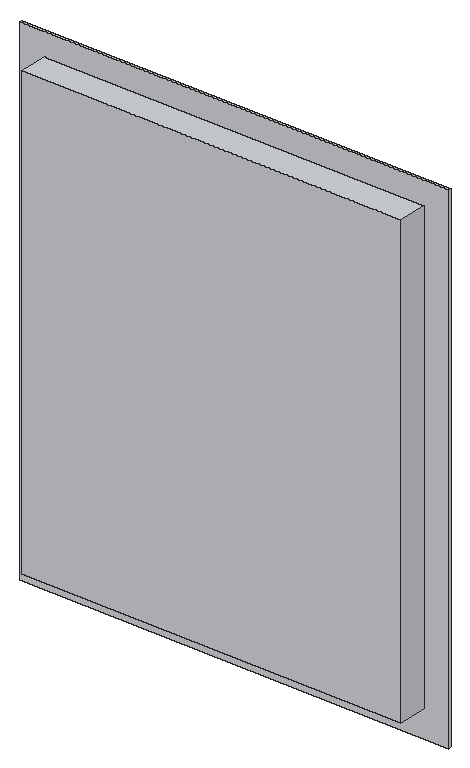
Revit family
Parameters
  Mirror = none
  Metal cabinet = none
  Distance from floor [instance] = 47.97403"
Reference planes (in)
  plane 1: y = 0
  plane 2 "Center (Left/Right)": x = 0
  plane 3 "Wall Edge": y = 3
  plane 4: z = 60.38028
Forms (in)
  Extrusion 1, solid, material <- "Metal cabinet"
    sketch origin (0, 4.5625, 0) x (1, 0, 0) y (0, 0, 1)
      loop
        line (10.4375, 72.78653) -> (-10.4375, 72.78653) -> (-10.4375, 47.97403) -> (10.4375, 47.97403) -> (10.4375, 72.78653)
    from 0 to 1.5625
  Extrusion 2, solid, material <- "Mirror"
    sketch origin (0, 4.5625, 0) x (-1, 0, 0) y (0, 0, 1)
      loop
        line (-11.8125, 74.05857) -> (-11.8125, 46.49607) -> (11.8125, 46.49607) -> (11.8125, 74.05857) -> (-11.8125, 74.05857)
    from 0 to 0.125
  Extrusion 3, void
    sketch origin (0, 4.5625, 0) x (1, 0, 0) y (0, 0, 1)
      loop
        line (9.19806, 71.63861) -> (7.19806, 71.63861) -> (7.19806, 49.63861) -> (9.19806, 49.63861) -> (9.19806, 71.63861)
    from -0.125 to 0
  Extrusion 4, void
    sketch origin (0, 4.5625, 0) x (-1, 0, 0) y (0, 0, -1)
      loop
        line (9.19806, -71.63861) -> (9.19806, -49.63861) -> (7.19806, -49.63861) -> (7.19806, -71.63861) -> (9.19806, -71.63861)
    from -0.125 to 0
Cuts and joins
  Extrusion 3, Extrusion 4 cuts Extrusion 1
  Extrusion 3, Extrusion 4 cuts Extrusion 2
Text (in)
  text "Placement Side" at (0, 40.15149, 123.01588), in view "Right"
  text "Placement Side" at (-70.3804, 28.46503, 0), in view "Ref. Level"
  text "Placement Side" at (0, 81.62555, 140.59947), in view "Left"
Dimensions and locks (in)
  locked: plane 3 "Wall Edge" to host wall
  locked: Extrusion 1 sketch curve to Extrusion 1 sketch curve at 20.875
  locked: Extrusion 1 sketch curve to Extrusion 1 sketch curve at 24.8125
  "Distance from floor": level to Extrusion 1 sketch curve
  locked: Extrusion 2 sketch curve to Extrusion 2 sketch curve at 23.625
  locked: Extrusion 2 sketch curve to Extrusion 2 sketch curve at 27.5625
Automatic sketch dimensions
  Extrusion 1 sketch curve to plane 2 "Center (Left/Right)" = 10 7/16"
  plane 2 "Center (Left/Right)" to Extrusion 2 sketch curve = 11 13/16"
  Extrusion 2 sketch curve to plane 4 = 13.88421"
  Extrusion 1 to Extrusion 3 sketch curve = 1.14792"
  Extrusion 1 to Extrusion 3 sketch curve = 3.23944"
  Extrusion 1 to Extrusion 3 sketch curve = 1.23944"
  Extrusion 1 to Extrusion 3 sketch curve = 1.66458"
  Extrusion 1 to Extrusion 4 sketch curve = 1.14792"
  Extrusion 1 to Extrusion 4 sketch curve = 3.23944"
  Extrusion 1 to Extrusion 4 sketch curve = 1.23944"
  Extrusion 1 to Extrusion 4 sketch curve = 1.66458"
